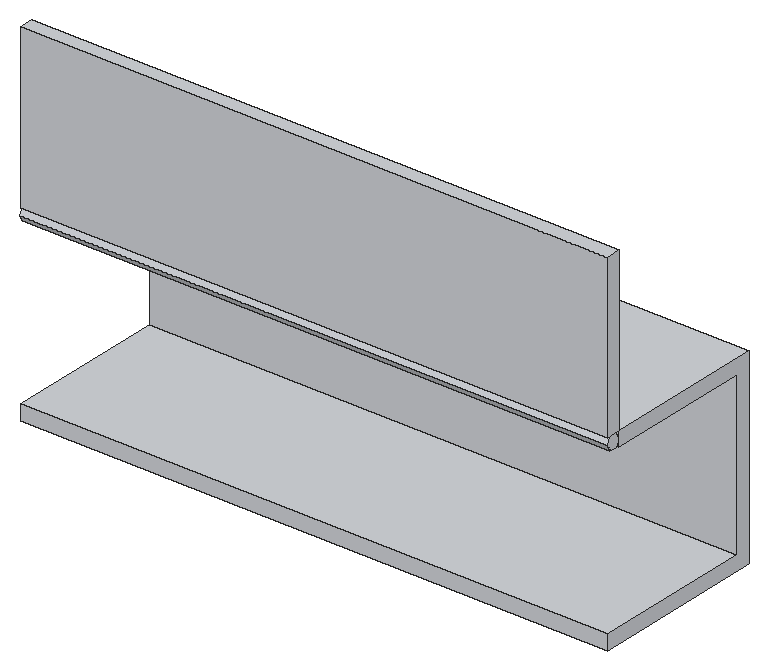
Revit family
Parameters
  Spessore = 5 cm
  Base2 = 60 cm
  Base = 200 cm
  Angolo = 90.00°
Reference planes (cm)
  plane 1 "Centro (Fronte/Retro)": y = 0
  plane 2: z = 0
  plane 3 "Centro (Sinistra/Destra)": x = 0
  plane 4: y = 5
  plane 5: y = 60
  plane 6: z = 5
  plane 7: z = 65
  plane 8: z = 60
  plane 9: y = 55
  plane 10: x = 200
  plane 11: z = 120
Forms (cm)
  Extrusion 1, solid
    sketch origin (0, 0, 0) x (0, 1, 0) y (0, 0, 1)
      loop
        line (0, 0) -> (60, 0) -> (60, 65) -> (5, 65) -> (5, 60) -> (55, 60) -> (55, 5) -> (0, 5) -> (0, 0)
    from 0 to 200
  Extrusion 2, solid
    sketch origin (0, 0, 0) x (0, 1, 0) y (0, 0, 1)
      loop
        line (-0.0302, 62.5135) -> (1.2198, 60.3485) -> (3.7198, 60.3485) -> (4.9698, 62.5135) -> (3.7198, 64.6786) -> (1.2198, 64.6786) -> (-0.0302, 62.5135)
    from 0 to 200
  Extrusion 3, solid
    sketch origin (0, 2.5, 120) x (0, 0, -1) y (0, 1, 0)
      loop
        line (55, 2.5) -> (0, 2.5) -> (0, -2.5) -> (55, -2.5) -> (55, 2.5)
    from 0 to 200
Lines and regions (cm)
  model lines
    curve 1: line (0, 2.4698, 64.6786) -> (0, 2.4698, 60.3485)
    curve 2: line (0, 2.4698, 60.3485) -> (0, 2.4698, 64.6786)
  reference lines
    curve 3: line (0, 2.5, 120) -> (0, 2.5, 62.5)
Dimensions and locks (cm)
  "Base": plane 3 "Centro (Sinistra/Destra)" to plane 10
  "Spessore": plane 7 to plane 8
  "Spessore": plane 9 to plane 5
  "Spessore": plane 6 to level
  "Base2": plane 1 "Centro (Fronte/Retro)" to plane 5
  "Spessore": Extrusion 3 to Extrusion 3
  "Angolo": angle curve 3 to plane 7
  aligned and locked: Extrusion 1 to plane 10
  aligned and locked: plane 5 to Extrusion 1
  aligned and locked: Extrusion 1 to plane 9
  aligned: plane 4 to Extrusion 1
  aligned: plane 1 "Centro (Fronte/Retro)" to Extrusion 1
  aligned and locked: Extrusion 1 to level
  aligned and locked: plane 6 to Extrusion 1
  aligned and locked: plane 1 "Centro (Fronte/Retro)" to Extrusion 1
  aligned: plane 11 to Extrusion 1
  aligned and locked: Extrusion 1 to plane 4
Automatic sketch dimensions
  Extrusion 1 sketch curve to plane 1 "Centro (Fronte/Retro)" = 0 cm
  Extrusion 1 sketch curve to plane 4 = 0 cm
  Extrusion 1 sketch curve to plane 6 = 0 cm
  Extrusion 1 sketch curve to plane 9 = 0 cm
  Extrusion 1 sketch curve to level = 0 cm
  Extrusion 1 sketch curve to plane 5 = 0 cm
  Extrusion 1 sketch curve to plane 8 = 0 cm
  Extrusion 1 sketch curve to plane 7 = 0 cm
  plane 1 "Centro (Fronte/Retro)" to Extrusion 2 sketch curve = 0.0302 cm
  plane 8 to Extrusion 2 sketch curve = 0.3485 cm
  Extrusion 2 sketch curve to plane 1 "Centro (Fronte/Retro)" = 1.2198 cm  (x2)
  Extrusion 2 sketch curve to plane 7 = 0.3214 cm
  Extrusion 2 sketch curve to plane 4 = 0.0302 cm
  Extrusion 2 sketch curve to plane 7 = 2.4865 cm  (x2)
  Extrusion 2 sketch curve to plane 4 = 1.2802 cm  (x2)
  curve 1 to plane 7 = 0.3214 cm
  curve 1 to plane 1 "Centro (Fronte/Retro)" = 2.4698 cm
  plane 8 to curve 1 = 0.3485 cm
  curve 3 to plane 11 = 0 cm
  curve 3 to plane 1 "Centro (Fronte/Retro)" = 2.5 cm
  curve 3 to Extrusion 3 sketch curve = 0 cm
  Extrusion 3 sketch curve to curve 3 = 2.5 cm  (x2)
  curve 3 to Extrusion 3 sketch curve = 2.5 cm
